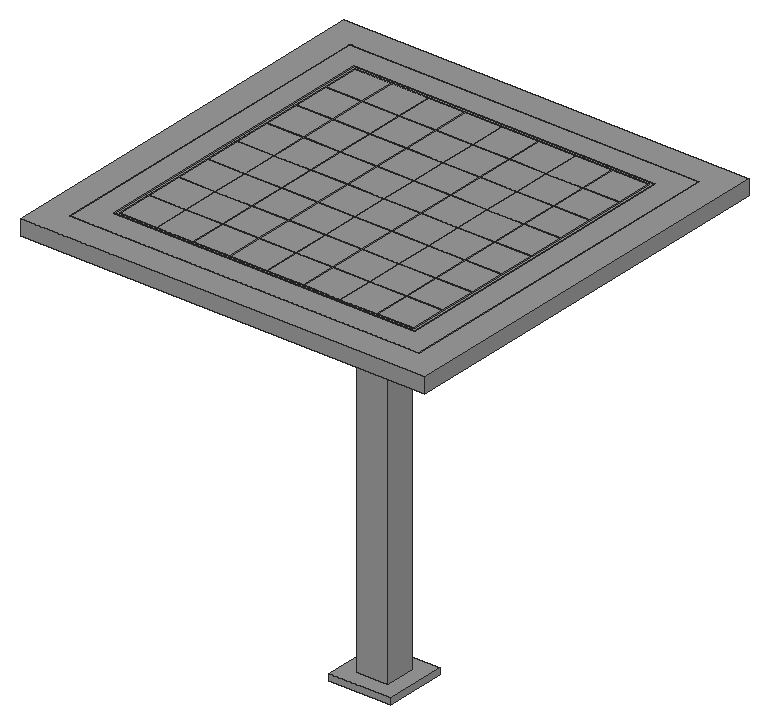
Revit family "Стол шахматный «Лудум» Арт 12926", category Антураж, Revit 2018
Family settings
  На основе рабочей плоскости = Нет
  Всегда вертикально = Да
  При загрузке вырезать с полостями = Нет
  Источник визуального образа = Геометрия семейства
  Общий = Нет
  Точка расчета площади = Нет
Parameters (values of type "Стол шахматный «Лудум»")
  Ширина = 660 mm  # constant formula
  Цвет столешницы = Дерево
  Цвет каркаса = Сталь
  Описание = "Стол шахматный «Лудум»"  # constant formula
  Материал изделия = "Сталь, дерево"  # constant formula
  Изображение типоразмера = Стол шахматный «Лудум» Арт 12926.jpg
  Изготовитель = "ООО «Хоббика»"  # constant formula
  Длина = 660 mm  # constant formula
  Группа модели = "Садовая и дачная мебель"  # constant formula
  Высота = 700 mm  # constant formula
  Артикул товара = "Арт. 12926"  # constant formula
  URL = "https://hobbyka.ru/product/stol_shakhmatnyy_ludum/"
Reference planes
  plane 1 "По центру (Вперед/Назад)": y = 0
  plane 2: z = 0
  plane 3 "По центру (Влево/Вправо)": x = 0
  plane 4: x = 660
  plane 5: y = 660
  plane 6: z = 700
Forms (mm)
  Extrusion 1, solid, material "Сталь" <- "Цвет каркаса"
    sketch origin (0, 0, 0) x (1, 0, 0) y (0, 1, 0)
      loop
        line (380, 280) -> (380, 380) -> (280, 380) -> (280, 280) -> (380, 280)
    from 0 to 10
  Extrusion 2, solid, material "Сталь" <- "Цвет каркаса"
    sketch origin (0, 0, 0) x (1, 0, 0) y (0, 1, 0)
      loop
        line (305, 355) -> (305, 305) -> (355, 305) -> (355, 355) -> (305, 355)
    from 0 to 645
  Extrusion 3, solid, material "Дерево" <- "Цвет столешницы"
    sketch origin (0, 0, 0) x (1, 0, 0) y (0, 1, 0)
      loop
        line (0, 660) -> (0, 0) -> (660, 0) -> (660, 660) -> (0, 660)
    from 675 to 700
  Extrusion 4, solid, material "Хром"
    sketch origin (85.838, 670, 0) x (1, 0, 0) y (0, 1, 0)
      loop
        line (4.162, -100) -> (4.162, -160) -> (64.162, -160) -> (64.162, -100) -> (4.162, -100)
      loop
        line (124.162, -100) -> (124.162, -160) -> (184.162, -160) -> (184.162, -100) -> (124.162, -100)
      loop
        line (244.162, -100) -> (244.162, -160) -> (304.162, -160) -> (304.162, -100) -> (244.162, -100)
      loop
        line (364.162, -100) -> (364.162, -160) -> (424.162, -160) -> (424.162, -100) -> (364.162, -100)
      loop
        line (4.162, -220) -> (4.162, -280) -> (64.162, -280) -> (64.162, -220) -> (4.162, -220)
      loop
        line (124.162, -220) -> (124.162, -280) -> (184.162, -280) -> (184.162, -220) -> (124.162, -220)
      loop
        line (244.162, -220) -> (244.162, -280) -> (304.162, -280) -> (304.162, -220) -> (244.162, -220)
      loop
        line (364.162, -220) -> (364.162, -280) -> (424.162, -280) -> (424.162, -220) -> (364.162, -220)
      loop
        line (4.162, -340) -> (4.162, -400) -> (64.162, -400) -> (64.162, -340) -> (4.162, -340)
      loop
        line (124.162, -340) -> (124.162, -400) -> (184.162, -400) -> (184.162, -340) -> (124.162, -340)
      loop
        line (244.162, -340) -> (244.162, -400) -> (304.162, -400) -> (304.162, -340) -> (244.162, -340)
      loop
        line (364.162, -340) -> (364.162, -400) -> (424.162, -400) -> (424.162, -340) -> (364.162, -340)
      loop
        line (4.162, -460) -> (4.162, -520) -> (64.162, -520) -> (64.162, -460) -> (4.162, -460)
      loop
        line (124.162, -460) -> (124.162, -520) -> (184.162, -520) -> (184.162, -460) -> (124.162, -460)
      loop
        line (244.162, -460) -> (244.162, -520) -> (304.162, -520) -> (304.162, -460) -> (244.162, -460)
      loop
        line (364.162, -460) -> (364.162, -520) -> (424.162, -520) -> (424.162, -460) -> (364.162, -460)
    from 699 to 700
  Extrusion 5, solid, material "Хром"
    sketch origin (145.838, 610, 0) x (1, 0, 0) y (0, 1, 0)
      loop
        line (4.162, -100) -> (4.162, -160) -> (64.162, -160) -> (64.162, -100) -> (4.162, -100)
      loop
        line (124.162, -100) -> (124.162, -160) -> (184.162, -160) -> (184.162, -100) -> (124.162, -100)
      loop
        line (244.162, -100) -> (244.162, -160) -> (304.162, -160) -> (304.162, -100) -> (244.162, -100)
      loop
        line (364.162, -100) -> (364.162, -160) -> (424.162, -160) -> (424.162, -100) -> (364.162, -100)
      loop
        line (4.162, -220) -> (4.162, -280) -> (64.162, -280) -> (64.162, -220) -> (4.162, -220)
      loop
        line (124.162, -220) -> (124.162, -280) -> (184.162, -280) -> (184.162, -220) -> (124.162, -220)
      loop
        line (244.162, -220) -> (244.162, -280) -> (304.162, -280) -> (304.162, -220) -> (244.162, -220)
      loop
        line (364.162, -220) -> (364.162, -280) -> (424.162, -280) -> (424.162, -220) -> (364.162, -220)
      loop
        line (4.162, -340) -> (4.162, -400) -> (64.162, -400) -> (64.162, -340) -> (4.162, -340)
      loop
        line (124.162, -340) -> (124.162, -400) -> (184.162, -400) -> (184.162, -340) -> (124.162, -340)
      loop
        line (244.162, -340) -> (244.162, -400) -> (304.162, -400) -> (304.162, -340) -> (244.162, -340)
      loop
        line (364.162, -340) -> (364.162, -400) -> (424.162, -400) -> (424.162, -340) -> (364.162, -340)
      loop
        line (4.162, -460) -> (4.162, -520) -> (64.162, -520) -> (64.162, -460) -> (4.162, -460)
      loop
        line (124.162, -460) -> (124.162, -520) -> (184.162, -520) -> (184.162, -460) -> (124.162, -460)
      loop
        line (244.162, -460) -> (244.162, -520) -> (304.162, -520) -> (304.162, -460) -> (244.162, -460)
      loop
        line (364.162, -460) -> (364.162, -520) -> (424.162, -520) -> (424.162, -460) -> (364.162, -460)
    from 699 to 700
  Extrusion 6, solid, material "Черный"
    sketch origin (145.838, 670, 0) x (1, 0, 0) y (0, 1, 0)
      loop
        line (4.162, -100) -> (4.162, -160) -> (64.162, -160) -> (64.162, -100) -> (4.162, -100)
      loop
        line (124.162, -100) -> (124.162, -160) -> (184.162, -160) -> (184.162, -100) -> (124.162, -100)
      loop
        line (244.162, -100) -> (244.162, -160) -> (304.162, -160) -> (304.162, -100) -> (244.162, -100)
      loop
        line (364.162, -100) -> (364.162, -160) -> (424.162, -160) -> (424.162, -100) -> (364.162, -100)
      loop
        line (4.162, -220) -> (4.162, -280) -> (64.162, -280) -> (64.162, -220) -> (4.162, -220)
      loop
        line (124.162, -220) -> (124.162, -280) -> (184.162, -280) -> (184.162, -220) -> (124.162, -220)
      loop
        line (244.162, -220) -> (244.162, -280) -> (304.162, -280) -> (304.162, -220) -> (244.162, -220)
      loop
        line (364.162, -220) -> (364.162, -280) -> (424.162, -280) -> (424.162, -220) -> (364.162, -220)
      loop
        line (4.162, -340) -> (4.162, -400) -> (64.162, -400) -> (64.162, -340) -> (4.162, -340)
      loop
        line (124.162, -340) -> (124.162, -400) -> (184.162, -400) -> (184.162, -340) -> (124.162, -340)
      loop
        line (244.162, -340) -> (244.162, -400) -> (304.162, -400) -> (304.162, -340) -> (244.162, -340)
      loop
        line (364.162, -340) -> (364.162, -400) -> (424.162, -400) -> (424.162, -340) -> (364.162, -340)
      loop
        line (4.162, -460) -> (4.162, -520) -> (64.162, -520) -> (64.162, -460) -> (4.162, -460)
      loop
        line (124.162, -460) -> (124.162, -520) -> (184.162, -520) -> (184.162, -460) -> (124.162, -460)
      loop
        line (244.162, -460) -> (244.162, -520) -> (304.162, -520) -> (304.162, -460) -> (244.162, -460)
      loop
        line (364.162, -460) -> (364.162, -520) -> (424.162, -520) -> (424.162, -460) -> (364.162, -460)
    from 699 to 700
  Extrusion 7, solid, material "Черный"
    sketch origin (85.838, 610, 0) x (1, 0, 0) y (0, 1, 0)
      loop
        line (4.162, -100) -> (4.162, -160) -> (64.162, -160) -> (64.162, -100) -> (4.162, -100)
      loop
        line (124.162, -100) -> (124.162, -160) -> (184.162, -160) -> (184.162, -100) -> (124.162, -100)
      loop
        line (244.162, -100) -> (244.162, -160) -> (304.162, -160) -> (304.162, -100) -> (244.162, -100)
      loop
        line (364.162, -100) -> (364.162, -160) -> (424.162, -160) -> (424.162, -100) -> (364.162, -100)
      loop
        line (4.162, -220) -> (4.162, -280) -> (64.162, -280) -> (64.162, -220) -> (4.162, -220)
      loop
        line (124.162, -220) -> (124.162, -280) -> (184.162, -280) -> (184.162, -220) -> (124.162, -220)
      loop
        line (244.162, -220) -> (244.162, -280) -> (304.162, -280) -> (304.162, -220) -> (244.162, -220)
      loop
        line (364.162, -220) -> (364.162, -280) -> (424.162, -280) -> (424.162, -220) -> (364.162, -220)
      loop
        line (4.162, -340) -> (4.162, -400) -> (64.162, -400) -> (64.162, -340) -> (4.162, -340)
      loop
        line (124.162, -340) -> (124.162, -400) -> (184.162, -400) -> (184.162, -340) -> (124.162, -340)
      loop
        line (244.162, -340) -> (244.162, -400) -> (304.162, -400) -> (304.162, -340) -> (244.162, -340)
      loop
        line (364.162, -340) -> (364.162, -400) -> (424.162, -400) -> (424.162, -340) -> (364.162, -340)
      loop
        line (4.162, -460) -> (4.162, -520) -> (64.162, -520) -> (64.162, -460) -> (4.162, -460)
      loop
        line (124.162, -460) -> (124.162, -520) -> (184.162, -520) -> (184.162, -460) -> (124.162, -460)
      loop
        line (244.162, -460) -> (244.162, -520) -> (304.162, -520) -> (304.162, -460) -> (244.162, -460)
      loop
        line (364.162, -460) -> (364.162, -520) -> (424.162, -520) -> (424.162, -460) -> (364.162, -460)
    from 699 to 700
  Extrusion 8, solid, material "Черный"
    sketch origin (-1714.162, -117.158, 0) x (1, 0, 0) y (0, 1, 0)
      loop
        line (1804.162, 687.158) -> (1804.162, 207.158) -> (2284.162, 207.158) -> (2284.162, 687.158) -> (1804.162, 687.158)
      loop
        line (1799.162, 692.158) -> (1799.162, 202.158) -> (2289.162, 202.158) -> (2289.162, 692.158) -> (1799.162, 692.158)
    from 699 to 700
  Extrusion 9, solid, material "Хром"
    sketch origin (-1714.162, -117.158, 0) x (1, 0, 0) y (0, 1, 0)
      loop
        line (1799.162, 692.158) -> (1799.162, 202.158) -> (2289.162, 202.158) -> (2289.162, 692.158) -> (1799.162, 692.158)
      loop
        line (1759.162, 732.158) -> (1759.162, 162.158) -> (2329.162, 162.158) -> (2329.162, 732.158) -> (1759.162, 732.158)
    from 699 to 700
  Extrusion 10, void
    sketch origin (0, 0, 0) x (1, 0, 0) y (0, 1, 0)
      loop
        line (45, 615) -> (45, 45) -> (615, 45) -> (615, 615) -> (45, 615)
    from 699 to 700
  Extrusion 11, solid, material "Сталь" <- "Цвет каркаса"
    sketch origin (0, 0, 0) x (1, 0, 0) y (0, 1, 0)
      loop
        line (45, 615) -> (45, 45) -> (615, 45) -> (615, 615) -> (45, 615)
    from 645 to 675
Cuts and joins
  Extrusion 10 cuts Extrusion 1
  Extrusion 10 cuts Extrusion 2
  Extrusion 10 cuts Extrusion 3
Lines and regions (mm)
  symbolic lines
    curve 1: line (90, 570, 0) -> (570, 570, 0)
    curve 2: line (90, 570, 0) -> (90, 90, 0)
    curve 3: line (90, 90, 0) -> (570, 90, 0)
    curve 4: line (570, 90, 0) -> (570, 570, 0)
    curve 5: line (90, 510, 0) -> (570, 510, 0)
    curve 6: line (90, 450, 0) -> (570, 450, 0)
    curve 7: line (90, 390, 0) -> (570, 390, 0)
    curve 8: line (90, 330, 0) -> (570, 330, 0)
    curve 9: line (90, 270, 0) -> (570, 270, 0)
    curve 10: line (90, 210, 0) -> (570, 210, 0)
    curve 11: line (90, 150, 0) -> (570, 150, 0)
    curve 12: line (150, 570, 0) -> (150, 90, 0)
    curve 13: line (210, 570, 0) -> (210, 90, 0)
    curve 14: line (270, 570, 0) -> (270, 90, 0)
    curve 15: line (330, 570, 0) -> (330, 90, 0)
    curve 16: line (390, 570, 0) -> (390, 90, 0)
    curve 17: line (450, 570, 0) -> (450, 90, 0)
    curve 18: line (510, 570, 0) -> (510, 90, 0)
Dimensions and locks
  "Длина": plane 3 "По центру (Влево/Вправо)" to plane 4
  "Ширина": plane 1 "По центру (Вперед/Назад)" to plane 5
  "Высота": plane 6 to level
  aligned and locked: level to plane 2
Automatic sketch dimensions
  curve 1 to plane 5 = 90 mm
  curve 1 to plane 4 = 570 mm
  curve 1 to curve 1 = 480 mm
  curve 4 to plane 1 "По центру (Вперед/Назад)" = 90 mm
  curve 1 to curve 12 = 60 mm
  curve 12 to curve 13 = 60 mm
  curve 13 to curve 14 = 60 mm
  curve 14 to curve 15 = 60 mm
  curve 15 to curve 16 = 60 mm
  curve 16 to curve 17 = 60 mm
  curve 17 to curve 18 = 60 mm
  curve 5 to plane 5 = 150 mm
  curve 6 to curve 5 = 60 mm
  curve 7 to curve 6 = 60 mm
  curve 8 to curve 7 = 60 mm
  curve 9 to curve 8 = 60 mm
  curve 10 to curve 9 = 60 mm
  curve 3 to curve 11 = 60 mm
  plane 3 "По центру (Влево/Вправо)" to Extrusion 1 sketch curve = 280 mm
  Extrusion 1 sketch curve to Extrusion 1 sketch curve = 100 mm  (x2)
  Extrusion 1 sketch curve to plane 1 "По центру (Вперед/Назад)" = 280 mm
  plane 3 "По центру (Влево/Вправо)" to Extrusion 2 sketch curve = 305 mm
  Extrusion 2 sketch curve to Extrusion 2 sketch curve = 50 mm  (x2)
  Extrusion 2 sketch curve to plane 1 "По центру (Вперед/Назад)" = 305 mm
  plane 1 "По центру (Вперед/Назад)" to Extrusion 3 sketch curve = 0 mm
  Extrusion 3 sketch curve to plane 3 "По центру (Влево/Вправо)" = 0 mm
  Extrusion 3 sketch curve to plane 4 = 0 mm
  Extrusion 3 sketch curve to plane 5 = 0 mm
  Extrusion 4 sketch curve to plane 5 = 90 mm  (x4)
  Extrusion 4 sketch curve to plane 4 = 570 mm
  Extrusion 4 sketch curve to Extrusion 4 sketch curve = 0 mm  (x17)
  Extrusion 4 sketch curve to Extrusion 4 sketch curve = 60 mm  (x38)
  Extrusion 4 sketch curve to plane 5 = 150 mm  (x4)
  Extrusion 5 sketch curve to plane 5 = 150 mm  (x4)
  Extrusion 5 sketch curve to plane 4 = 510 mm
  Extrusion 5 sketch curve to Extrusion 5 sketch curve = 0 mm  (x16)
  Extrusion 5 sketch curve to Extrusion 5 sketch curve = 60 mm  (x43)
  Extrusion 6 sketch curve to plane 5 = 90 mm  (x4)
  Extrusion 6 sketch curve to plane 4 = 510 mm
  Extrusion 6 sketch curve to Extrusion 6 sketch curve = 0 mm  (x12)
  Extrusion 6 sketch curve to Extrusion 6 sketch curve = 60 mm  (x43)
  Extrusion 6 sketch curve to plane 5 = 150 mm  (x4)
  Extrusion 7 sketch curve to plane 5 = 150 mm  (x4)
  Extrusion 7 sketch curve to plane 4 = 570 mm
  Extrusion 7 sketch curve to Extrusion 7 sketch curve = 0 mm  (x15)
  Extrusion 7 sketch curve to Extrusion 7 sketch curve = 60 mm  (x44)
  Extrusion 8 sketch curve to plane 1 "По центру (Вперед/Назад)" = 90 mm
  Extrusion 8 sketch curve to plane 4 = 570 mm
  Extrusion 8 sketch curve to Extrusion 8 sketch curve = 480 mm
  Extrusion 8 sketch curve to plane 5 = 90 mm
  Extrusion 8 sketch curve to Extrusion 8 sketch curve = 5 mm  (x4)
  Extrusion 9 sketch curve to plane 1 "По центру (Вперед/Назад)" = 85 mm
  Extrusion 9 sketch curve to plane 4 = 575 mm
  Extrusion 9 sketch curve to Extrusion 9 sketch curve = 40 mm  (x4)
  Extrusion 9 sketch curve to plane 5 = 85 mm
  Extrusion 9 sketch curve to Extrusion 9 sketch curve = 490 mm
  Extrusion 10 sketch curve to plane 5 = 45 mm
  Extrusion 10 sketch curve to plane 4 = 615 mm
  Extrusion 10 sketch curve to plane 1 "По центру (Вперед/Назад)" = 45 mm
  Extrusion 10 sketch curve to Extrusion 10 sketch curve = 570 mm
  plane 3 "По центру (Влево/Вправо)" to Extrusion 11 sketch curve = 45 mm
  Extrusion 11 sketch curve to plane 4 = 45 mm
  Extrusion 11 sketch curve to plane 1 "По центру (Вперед/Назад)" = 45 mm
  Extrusion 11 sketch curve to plane 5 = 45 mm
